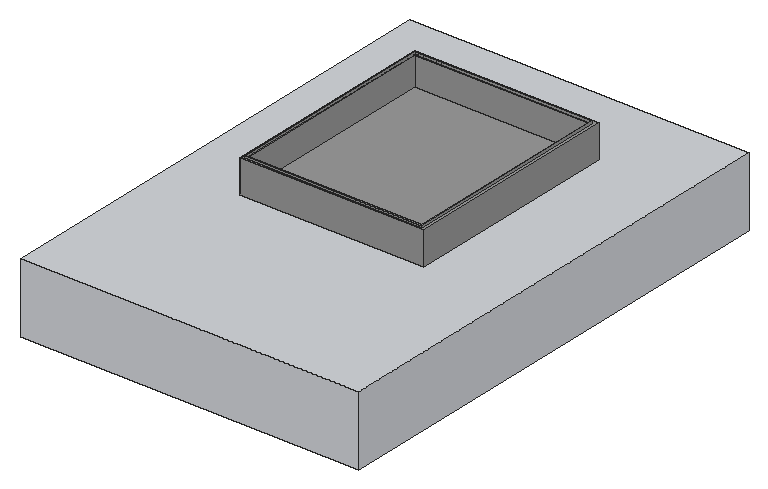
Revit family "Hager-Univers-IP30-D160-Cl.II-FWQ-encl-AT-de", category Equipement électrique, Revit 2020
Family settings
  Hôte = Face
  Configuration du panneau = Deux colonnes, circuits au sein
  Cote de connecteur circulaire = Utiliser le diamètre
  Type d'élément = Tableau de raccordement
  Couper avec des vides une fois chargée = Non
  Partagée = Non
  Point de calcul de pièce = Non
Parameters (values of type "Aufputz IP30 B800 H950 T160  - FWQ63D1")
  Width Control [instance] = if([EF000008 - Breite] > Min Width, [EF000008 - Breite], Min Width)  # 800 mm
  Commentaires du type = [HG000003 - Bereich]  # "Univers"
  Thickness Door [instance] = if([EF009171 - Materialstärke Tür/Deckel] > 3 mm, 3 mm, [EF009171 - Materialstärke Tür/Deckel])  # 2 mm
  Seal Frame Offset [instance] = 17 mm  # constant formula
  Plinth Visibility [instance] = [HG000027 - Sockelhöhe] > 0 mm  # no
  Model = ""
  Min Width [instance] = 100 mm  # constant formula
  Min Height [instance] = 100 mm  # constant formula
  Min Depth [instance] = (2 * [EF009170 - Materialstärke Gehäuse]) + 1 mm  # 5 mm
  Internal Frame Depth [instance] = (Door System Depth * 0.5)  # 9 mm
  Height Control [instance] = if([EF000040 - Höhe] > Min Height, [EF000040 - Höhe], Min Height)  # 950 mm
  HG000027 - Sockelhöhe = 0 mm
  HG000026 - Stehend auf dem Boden = no
  HG000024 - Höhe des unteren Teils = 800 mm
  HG000023 - Gehäuse mit doppeltem Querschnitt = no
  HG000016 - 3D-Türsichtbarkeit [instance] = yes
  HG000015 - Sichtbarkeit der Türöffnung [instance] = no
  HG000014 - Tür rechts [instance] = yes
  HG000013 - Tür links [instance] = not([HG000014 - Tür rechts])  # no
  HG000012 - Türschwenkwinkel [instance] = 30.00°
  HG000010 - Asymmetrische Türen = no
  HG000009 - Doppelflügeligen Tür = no
  HG000006 - Unterputz = no
  HG000004 - Herstellerreferenz = "FWQ63D1"
  HG000003 - Bereich = "Univers"
  HG000002 - Mit tür = no
  Frame Offset Bottom [instance] = 10 mm  # constant formula
  Frame Offset [instance] = 15 mm  # constant formula
  EF015940 - Deckel mit Überdruckentlastung = no
  EF011959 - Schutzart (NEMA) = ""
  EF009554 - Anzahl der Öffnungen für Flanschplatten = 6
  Fabricant = "Hager"  # constant formula
  EF009212 - Ausführung Deckel = "EV009916 - mit Ausschnitt"
  EF009171 - Materialstärke Tür/Deckel = 2 mm
  EF009170 - Materialstärke Gehäuse = 2 mm
  EF008873 - Nennstrom (In) = 125 A
  EF007800 - Geeignet für Blitzschutz = no
  EF006306 - Mit Schloss = no
  EF006244 - Transparenter Deckel/Tür = no
  EF005474 - Schutzart (IP) = "EV006410 - IP30"
  EF004464 - Art der Tür = "EV002646 - Einzel"
  EF004427 - Anzahl der Module = 216
  EF004293 - Schlagfestigkeit = ""
  EF003532 - Geeignet für Außengebrauch = no
  EF002950 - Breite in Teilungseinheiten = 36
  EF001613 - Funktionserhalt = "EV000494 - ohne"
  EF001596 - Werkstoff des Gehäuses = "EV000179 - Stahl"
  EF001131 - Innentiefe = 160 mm
  EF001088 - Anbaumöglichkeit = yes
  EF000437 - Anzahl der Leitungseinführungen = 12
  EF000339 - Art der Abdeckung = "EV001012 - Deckel"
  EF000266 - Anzahl der Reihen = 18
  EF000218 - Einbautiefe = 0 mm
  EF000118 - Mit Montageplatte = yes
  EF000116 - RAL-Nummer = "9010"
  EF000049 - Tiefe = 160 mm
  EF000040 - Höhe = 950 mm
  EF000008 - Breite = 800 mm
  EF000007 - Farbe = "EV000202 - weiß"
  EF000003 - Montageart = "EV000384 - Aufputz"
  Door System Leaf Tolerance [instance] = 1.5 mm  # constant formula
  Door System Depth [instance] = 18 mm  # constant formula
  Door Height [instance] = Height Control - [HG000027 - Sockelhöhe]  # 950 mm
  Depth Control [instance] = if([EF000049 - Tiefe] > Min Depth, [EF000049 - Tiefe], Min Depth)  # 160 mm
  Default Elevation = 0 mm
  Connector Offset [instance] = Height Control / 2  # 475 mm
  Bottom Top Plate Trim [instance] = 1.5 mm  # constant formula
  Plinth height Ctrl [instance] = if([HG000027 - Sockelhöhe] > 0 mm, [HG000027 - Sockelhöhe], 12 mm)  # 12 mm
Types (13, lengths in mm): name | Width Control | Height Control | HG000004 - Herstellerreferenz | EF009554 - Anzahl der Öffnungen für Flanschplatten | EF004464 - Art der Tür | EF004427 - Anzahl der Module | EF004293 - Schlagfestigkeit | EF002950 - Breite in Teilungseinheiten | EF001131 - Innentiefe | EF000437 - Anzahl der Leitungseinführungen | EF000339 - Art der Abdeckung | EF000266 - Anzahl der Reihen | EF000118 - Mit Montageplatte | EF000040 - Höhe | EF000008 - Breite | Door Height | Connector Offset
  Aufputz IP30 B1050 H650 T160  - FWQ34D1 | 1050 | 650 | "FWQ34D1" | 8 | "EV002646 - Einzel" | 192 | "EV006815 - IK09" | 48 | 160 | 16 | "EV001012 - Deckel" | 16 | yes | 650 | 1050 | 650 | 325
  Aufputz IP30 B1050 H650 T160  - FWQ44D1 | 1050 | 650 | "FWQ44D1" | 8 | "EV002646 - Einzel" | 192 | "" | 48 | 160 | 16 | "EV001012 - Deckel" | 16 | yes | 650 | 1050 | 650 | 325
  Aufputz IP30 B1050 H800 T160  - FWQ54D1 | 1050 | 800 | "FWQ54D1" | 8 | "EV002646 - Einzel" | 240 | "" | 48 | 160 | 16 | "EV001012 - Deckel" | 20 | yes | 800 | 1050 | 800 | 400
  Aufputz IP30 B300 H650 T160  - FWQ41D1 | 300 | 650 | "FWQ41D1" | 2 | "EV002646 - Einzel" | 48 | "" | 12 | 160 | 4 | "EV001012 - Deckel" | 4 | yes | 650 | 300 | 650 | 325
  Aufputz IP30 B300 H950 T160  - FWQ61D1 | 300 | 950 | "FWQ61D1" | 2 | "EV002646 - Einzel" | 72 | "" | 12 | 160 | 4 | "EV001012 - Deckel" | 6 | yes | 950 | 300 | 950 | 475
  Aufputz IP30 B550 H1100 T160  - FWQ72D1 | 550 | 1100 | "FWQ72D1" | 4 | "EV002646 - Einzel" | 168 | "" | 12 | 160 | 8 | "EV001012 - Deckel" | 14 | yes | 1100 | 550 | 1100 | 550
  Aufputz IP30 B550 H650 T160  - FWQ42D1 | 550 | 650 | "FWQ42D1" | 4 | "EV002646 - Einzel" | 96 | "" | 24 | 160 | 8 | "EV001012 - Deckel" | 8 | yes | 650 | 550 | 650 | 325
  Aufputz IP30 B550 H800 T160  - FWQ52D1 | 550 | 800 | "FWQ52D1" | 4 | "EV002646 - Einzel" | 120 | "" | 24 | 160 | 8 | "EV001012 - Deckel" | 10 | yes | 800 | 550 | 800 | 400
  Aufputz IP30 B550 H950 T160  - FWQ62D1 | 550 | 950 | "FWQ62D1" | 4 | "EV002646 - Einzel" | 144 | "" | 24 | 160 | 8 | "EV001012 - Deckel" | 12 | yes | 950 | 550 | 950 | 475
  Aufputz IP30 B800 H500 T160  - FWQ33D1 | 800 | 500 | "FWQ33D1" | 6 | "EV000494 - ohne" | 108 | "" | 36 | 156 | 12 | "EV000494 - ohne" | 9 | no | 500 | 800 | 500 | 250
  Aufputz IP30 B800 H650 T160  - FWQ43D1 | 800 | 650 | "FWQ43D1" | 6 | "EV002646 - Einzel" | 144 | "" | 36 | 160 | 12 | "EV001012 - Deckel" | 12 | yes | 650 | 800 | 650 | 325
  Aufputz IP30 B800 H800 T160  - FWQ53D1 | 800 | 800 | "FWQ53D1" | 6 | "EV002646 - Einzel" | 180 | "" | 36 | 160 | 12 | "EV001012 - Deckel" | 15 | yes | 800 | 800 | 800 | 400
  Aufputz IP30 B800 H950 T160  - FWQ63D1 | 800 | 950 | "FWQ63D1" | 6 | "EV002646 - Einzel" | 216 | "" | 36 | 160 | 12 | "EV001012 - Deckel" | 18 | yes | 950 | 800 | 950 | 475
Reference planes
  plane 1 "Center (Front/Back)": y = 0
  plane 2: z = 0
  plane 3 "Center (Left/Right)": x = 0
  plane 4: z = 160
  plane 5: y = 2
  plane 6: y = 475
  plane 7: y = 0
  plane 8: y = 950
  plane 9: z = 0
  plane 10: x = -385
  plane 11: x = 385
  plane 12: x = 383
  plane 13: x = -383
  plane 14: y = 948
  plane 15: x = -383
  plane 16: x = -400
  plane 17: x = 383
  plane 18: x = 400
  plane 19: x = 398
  plane 20: x = -398
  plane 21: y = 12
  plane 22: y = 950
  plane 23: y = 933
  plane 24: z = 142
  plane 25: z = 2
  plane 26: z = 140
  plane 27: z = 158
Forms (mm)
  Extrusion 1, solid
    sketch origin (0, 0, 0) x (1, 0, 0) y (0, 1, 0)
      loop
        line (-702.964, 1305) -> (-702.964, -811.445) -> (766.763, -811.445) -> (766.763, 1305) -> (-702.964, 1305)
    from 0 to -304.8
  Extrusion 2, solid, material "Hager_Steel_RAL7035_Light_Grey", visible <- "Plinth Visibility", detail levels medium+fine
    sketch origin (0, 0, 0) x (1, 0, 0) y (0, 1, 0)
      loop
        line (-400, 0) -> (400, 0) -> (400, 12) -> (-400, 12) -> (-400, 0)
    from 0 to 142
  Extrusion 3, solid, material "Hager_Steel_RAL7035_Light_Grey", detail levels medium+fine
    sketch origin (0, 0, 0) x (1, 0, 0) y (0, 1, 0)
      loop
        line (-400, 0) -> (400, 0) -> (400, 950) -> (-400, 950) -> (-400, 0)
    from 0 to 142
  Extrusion 4, void
    sketch origin (0, 0, 0) x (1, 0, 0) y (0, 1, 0)
      loop
        line (-398, 2) -> (398, 2) -> (398, 948) -> (-398, 948) -> (-398, 2)
    from 2 to 140
  Extrusion 5, void
    sketch origin (-381.607, -4572, 142) x (0, -1, 0) y (-1, 0, 0)
      loop
        line (-4584, 1.393) -> (-5505, 1.393) -> (-5505, -764.607) -> (-4584, -764.607) -> (-4584, 1.393)
    from 0 to 2 <- "EF009170 - Materialstärke Gehäuse"
  Extrusion 6, solid, material "Hager_Steel_RAL7035_Light_Grey", detail levels fine
    sketch origin (0, 0, 142) x (1, 0, 0) y (0, 1, 0)
      loop
        line (-383, 933) -> (-383, 12) -> (383, 12) -> (383, 933) -> (-383, 933)
      loop
        line (-385, 10) -> (385, 10) -> (385, 935) -> (-385, 935) -> (-385, 10)
    from 0 to 9 <- "Internal Frame Depth"
  Extrusion 7, solid, material "Hager_Steel_RAL7035_Light_Grey", detail levels coarse
    sketch origin (0, 0, 0) x (1, 0, 0) y (0, 1, 0)
      loop
        line (-400, 0) -> (400, 0) -> (400, 950) -> (-400, 950) -> (-400, 0)
    from 0 to 160
  Sweep 8, void
    path in 3D
      loop
        line (-400, 12, 0) -> (400, 12, 0) -> (400, 12, 142) -> (-400, 12, 142) -> (-400, 12, 0)
    profile origin (-400, 12, 71) x (-1, 0, 0) y (0, -1, 0)
      loop
        line (0, 0) -> (0, 1.5) -> (-1.5, 1.5)
        arc (-1.5, 1.5) -> (-1.061, 0.439) -> (0, 0) r 1.5
Cuts and joins
  Extrusion 4, Extrusion 5 cuts Extrusion 3
  Sweep 8 cuts Extrusion 2
Lines and regions (mm)
  Masking region 1
    outline origin (0, 0, 0) x (1, 0, 0) y (0, 0, 1)
      loop
        line (-400, 160) -> (-400, 0) -> (400, 0) -> (400, 160) -> (-400, 160)
  Masking region 2, detail levels medium+fine
    outline origin (0, 140, 0) x (0, 1, 0) y (0, 0, 1)
      loop
        line (-140, 0) -> (810, 0) -> (810, 142) -> (-140, 142) -> (-140, 0)
  Masking region 3, not visible, detail levels medium+fine
    outline origin (0, 297.922, 0) x (0, 1, 0) y (0, 0, 1)
      loop
        line (188.578, 0) -> (228.578, 0) -> (228.578, 148)
        arc (228.578, 148) -> (225.649, 155.071) -> (218.578, 158) r 10
        line (218.578, 158) -> (188.578, 158) -> (188.578, 0)
  Masking region 4, detail levels coarse
    outline origin (0, 0, 180) x (0, 1, 0) y (0, 0, 1)
      loop
        line (0, -180) -> (950, -180) -> (950, -20) -> (0, -20) -> (0, -180)
  Masking region 5, visible <- "Plinth Visibility", detail levels medium+fine
    outline origin (0, 52.24, 12.345) x (0, 0, -1) y (0, 1, 0)
      loop
        line (10.845, -40.24) -> (-128.155, -40.24)
        arc (-128.155, -40.24) -> (-128.594, -41.301) -> (-129.655, -41.74) r 1.5
        line (-129.655, -41.74) -> (-129.655, -52.24) -> (12.345, -52.24) -> (12.345, -41.74)
        arc (12.345, -41.74) -> (11.285, -41.301) -> (10.845, -40.24) r 1.5
  Masking region 6, detail levels medium+fine
    outline origin (-381.607, -4572, 142) x (-1, 0, 0) y (0, -1, 0)
      loop
        line (18.393, -5522) -> (18.393, -4572) -> (-781.607, -4572) -> (-781.607, -5522) -> (18.393, -5522)
  Masking region 7, visible <- "Plinth Visibility", detail levels medium+fine
    outline origin (-381.607, -4727, 142) x (-1, 0, 0) y (0, -1, 0)
      loop
        arc (16.893, -4739) -> (17.332, -4737.939) -> (18.393, -4737.5) r 1.5
        line (18.393, -4737.5) -> (18.393, -4727) -> (-781.607, -4727) -> (-781.607, -4737.5)
        arc (-781.607, -4737.5) -> (-780.546, -4737.939) -> (-780.107, -4739) r 1.5
        line (-780.107, -4739) -> (16.893, -4739)
  Masking region 8, detail levels coarse
    outline origin (-442.548, -4669.526, 142) x (-1, 0, 0) y (0, -1, 0)
      loop
        line (-42.548, -5619.526) -> (-42.548, -4669.526) -> (-842.548, -4669.526) -> (-842.548, -5619.526) -> (-42.548, -5619.526)
  sketch lines
    curve 1: line (-400, 12, 142) -> (-400, 12, 0)
    curve 2: line (400, 12, 142) -> (-400, 12, 142)
    curve 3: line (400, 12, 142) -> (400, 12, 0)
    curve 4: line (-400, 12, 0) -> (400, 12, 0)
Dimensions and locks
  "Depth Control": plane 4 to Extrusion 1
  "HG000027 - Sockelhöhe": plane 1 "Center (Front/Back)" to plane 7
  "EF009170 - Materialstärke Gehäuse": plane 5 to plane 7
  locked: connector elem to plane 3 "Center (Left/Right)"
  equal spacing: plane 8, plane 6, plane 7
  locked: connector elem to plane 6
  "EF009170 - Materialstärke Gehäuse": plane 8 to plane 14
  "EF009170 - Materialstärke Gehäuse": plane 10 to plane 13
  "EF009170 - Materialstärke Gehäuse": plane 12 to plane 11
  "Frame Offset": plane 20 to plane 13
  "Frame Offset": plane 12 to plane 19
  "EF009170 - Materialstärke Gehäuse": plane 16 to plane 20
  "EF009170 - Materialstärke Gehäuse": plane 19 to plane 18
  "Seal Frame Offset": plane 16 to plane 15
  "Seal Frame Offset": plane 17 to plane 18
  "Frame Offset Bottom": plane 21 to plane 5
  "Frame Offset": plane 14 to plane 23
  equal spacing: plane 16, plane 3 "Center (Left/Right)", plane 18
  "Width Control": plane 16 to plane 18
  "EF009170 - Materialstärke Gehäuse": plane 4 to plane 27
  "EF009170 - Materialstärke Gehäuse": plane 24 to plane 26
  "EF009170 - Materialstärke Gehäuse": plane 25 to level
  "Door System Depth": plane 4 to plane 24
  "Height Control": plane 1 "Center (Front/Back)" to Extrusion 7 sketch curve
  "Height Control": Masking region 4 sketch curve to plane 1 "Center (Front/Back)"
  "Height Control": plane 1 "Center (Front/Back)" to plane 22
  "Bottom Top Plate Trim": profile plane to Sweep 8 sketch curve
  "Bottom Top Plate Trim": Sweep 8 sketch curve to profile plane
  "Plinth height Ctrl": plane 1 "Center (Front/Back)" to Extrusion 2 sketch curve
  "Plinth height Ctrl": Masking region 5 sketch curve to plane 1 "Center (Front/Back)"
  "Plinth height Ctrl": plane 1 "Center (Front/Back)" to Masking region 7 sketch curve
  "Thickness Door": Extrusion 6 sketch curve to Extrusion 6 sketch curve  (x3)
  "Thickness Door": cut or joined group of Extrusion 3, Extrusion 4, Extrusion 5 to Extrusion 6 sketch curve
  radius of Masking region 3 sketch curve = 10 mm
  "Bottom Top Plate Trim": radius of Masking region 5 sketch curve  (x2)
  "Bottom Top Plate Trim": radius of Sweep 8 sketch curve
  "Bottom Top Plate Trim": radius of Masking region 7 sketch curve  (x2)
  aligned and locked: plane 2 to Extrusion 1
  aligned and locked: level to Extrusion 1
  aligned and locked: level to Masking region 1 sketch curve
  aligned and locked: Masking region 1 sketch curve to plane 18
  aligned and locked: Masking region 1 sketch curve to plane 16
  aligned and locked: plane 7 to Masking region 2 sketch curve
  aligned and locked: level to Masking region 3 sketch curve
  aligned and locked: Masking region 3 sketch curve to plane 27
  aligned and locked: level to Masking region 2 sketch curve
  aligned and locked: plane 1 "Center (Front/Back)" to Extrusion 2 sketch curve
  aligned and locked: Extrusion 3 sketch curve to plane 7
  aligned and locked: plane 16 to Extrusion 3 sketch curve
  aligned and locked: plane 18 to Extrusion 3 sketch curve
  aligned and locked: plane 20 to Extrusion 4 sketch curve
  aligned and locked: plane 19 to Extrusion 4 sketch curve
  aligned and locked: Extrusion 4 sketch curve to plane 5
  aligned and locked: Extrusion 4 to plane 25
  aligned and locked: plane 26 to Extrusion 4
  aligned and locked: plane 24 to Extrusion 3
  aligned and locked: Extrusion 5 sketch curve to plane 21
  aligned and locked: Extrusion 5 sketch curve to plane 13
  aligned and locked: Extrusion 5 sketch curve to plane 12
  aligned and locked: plane 18 to Extrusion 7 sketch curve
  aligned and locked: plane 1 "Center (Front/Back)" to Extrusion 7 sketch curve
  aligned and locked: plane 16 to Extrusion 7 sketch curve
  aligned and locked: plane 4 to Extrusion 7
  aligned and locked: Extrusion 7 to level
  aligned and locked: level to Masking region 4 sketch curve
  aligned and locked: Masking region 4 sketch curve to plane 1 "Center (Front/Back)"
  aligned and locked: Masking region 4 sketch curve to plane 4
  aligned and locked: nested 1 to level
  aligned and locked: nested 1 to plane 16
  aligned and locked: plane 8 to Extrusion 3 sketch curve
  aligned and locked: plane 23 to Extrusion 5 sketch curve
  aligned and locked: plane 14 to Extrusion 4 sketch curve
  aligned and locked: Masking region 2 sketch curve to plane 8
  aligned and locked: level to Masking region 5 sketch curve
  aligned and locked: plane 16 to Extrusion 2 sketch curve
  aligned and locked: plane 18 to Extrusion 2 sketch curve
  aligned and locked: Masking region 5 sketch curve to plane 24
  aligned and locked: Masking region 2 sketch curve to plane 24
  aligned and locked: plane 24 to Extrusion 2
  aligned and locked: profile plane to Sweep 8 sketch curve  (x2)
  aligned and locked: Masking region 6 sketch curve to plane 18
  aligned and locked: Masking region 6 sketch curve to plane 22
  aligned and locked: Masking region 6 sketch curve to plane 16
  aligned and locked: plane 8 to plane 22
  aligned and locked: Masking region 6 sketch curve to plane 7
  aligned and locked: Masking region 7 sketch curve to plane 16
  aligned and locked: Masking region 7 sketch curve to plane 1 "Center (Front/Back)"
  aligned and locked: Masking region 7 sketch curve to plane 18
  aligned and locked: Masking region 8 sketch curve to plane 1 "Center (Front/Back)"
  aligned and locked: Masking region 8 sketch curve to plane 18
  aligned and locked: Masking region 8 sketch curve to plane 22
  aligned and locked: Masking region 8 sketch curve to plane 16
  aligned and locked: nested 2 to plane 7
  aligned and locked: plane 3 "Center (Left/Right)" to nested 2
  aligned and locked: nested 2 to plane 24
  aligned and locked: Extrusion 6 sketch curve to cut or joined group of Extrusion 3, Extrusion 4, Extrusion 5  (x4)
Automatic sketch dimensions
  Extrusion 1 sketch curve to Extrusion 1 sketch curve = 1469.727 mm
  Extrusion 1 sketch curve to Extrusion 1 sketch curve = 2116.445 mm
  Masking region 1 sketch curve to plane 4 = 0 mm
  plane 6 to Masking region 3 sketch curve = 11.5 mm
  Masking region 3 sketch curve to Masking region 3 sketch curve = 30 mm
  Masking region 5 sketch curve to plane 1 "Center (Front/Back)" = 0 mm
Nested families
  nested 1: "Hager_Enclosure_Symbol" at (-400, 0, 0) x (1, 0, 0) z (0, -1, 0), Height <- "Depth Control", Width <- "Width Control", type "Hager_Enclosure_Symbol"
    with Width_Ctrl 800 mm, Width 800 mm, Height_Ctrl 160 mm, Height 160 mm, A_Width_Int 10.5 mm, A_Width 126 mm, A_Height_Ctrl 140 mm, A_Height 140 mm
  nested 2: "EC000058_Univers_Door" at (0, 0, 142) x (1, 0, 0) z (0, 1, 0), Leaf_Tolerance <- "Door System Leaf Tolerance", Angle <- "HG000012 - Türschwenkwinkel", Door_Depth <- "Door System Depth", Door_Left <- "HG000013 - Tür links", Transparent <- "EF006244 - Transparenter Deckel/Tür", Assymetrical <- "HG000010 - Asymmetrische Türen", Width <- "Width Control", Clearance <- "HG000015 - Sichtbarkeit der Türöffnung", Double <- "HG000009 - Doppelflügeligen Tür", 3d_Door <- "HG000016 - 3D-Türsichtbarkeit", Lock_Visibility <- "EF006306 - Mit Schloss", Width_Ctrl <- "Width Control", Door_Right <- "HG000014 - Tür rechts", Door <- "HG000002 - Mit tür", Height <- "Door Height", Thickness <- "Thickness Door", type "EC000058_Univers_Door", detail levels medium+fine
    with min_wh 5 mm, Width_Ctrl 800 mm, Width 800 mm, Transparent no, Thickness 2 mm, Seal_Material Hager_Rubber, Lock_Visibility no, Lock_Material Hager_Plastic_RAL9005_Jet_Black, Leaf_Width 800 mm, Leaf_Tolerance_External_Sides 0 mm, Leaf_Tolerance 1.5 mm, Leaf_Offset 0 mm, Leaf_Height 947 mm, Leaf_2_Width 800 mm, Leaf_2_Offset 400 mm, Leaf_1_Width 800 mm, Leaf_1_Offset 400 mm, Height_Ctrl 950 mm, Height 950 mm, Glass_Material Hager_Glass, Double_Clearance_Ctrl no, Double no, Door_Right_Ctrl no, Door_Right yes, Door_Material Hager_Steel_RAL7035_Light_Grey, Door_Left_Ctrl no, Door_Left no, Door_Depth 18 mm, Door no, Clearance_Material Hager_Clearance, Clearance_Depth 800 mm, Clearance_Ctrl no, Clearance no, Assymetrical no, Angle 30.00°, 3d_Door yes
Connectors
  electrical at (0, 475, 0)
    settings: on plane 9, index 1, voltage 0 V, apparent load 0 VA, apparent load phase1 0 VA, apparent load phase2 0 VA, apparent load phase3 0 VA, power factor 1, load classification "Other", number of poles 1, system type 30, power factor state 1, is connector primary yes, connector utility no, sub classification motor no, connector description ""
Definition of nested family "Hager_Enclosure_Symbol"
  Parameters (values of type "Hager_Enclosure_Symbol")
    Width_Ctrl [instance] = if(Width > 1 mm, Width, 1 mm)  # 102.27 mm
    Width [instance] = 102.27 mm
    Height_Ctrl [instance] = if(Height > 1 mm, Height, 1 mm)  # 66.5 mm
    A_Width_Int [instance] = if(A_Width / 12 > 2 mm, A_Width / 12, 2 mm)  # 4.364 mm
    A_Width [instance] = if(A_Height_Ctrl * 0.9 > 2 mm, A_Height_Ctrl * 0.9, 2 mm)  # 52.369 mm
    A_Height_Ctrl [instance] = if(A_Height > 2 mm, A_Height, 2 mm)  # 58.188 mm
    Height [instance] = 66.5 mm
    A_Height [instance] = Height - (Height / 8)  # 58.188 mm
  Reference planes
    plane 1 "Centre (avant/arrière)": y = 0
    plane 2: z = 0
    plane 3 "Centre (gauche/droite)": x = 0
    plane 4: x = 52.369
    plane 5: y = 33.042
    plane 6: y = 41.77
    plane 7: y = 66.5
    plane 8: x = 26.184
    plane 9: y = 37.406
    plane 10: x = 102.27
    plane 11: y = 66.5
    plane 12: y = 8.313
  Lines and regions (mm)
    Filled region 1, type "Solid_Black", in view "Niveau de réf."
      outline origin (0, 0, 0) x (1, 0, 0) y (0, 1, 0)
        loop
          line (52.369, 66.5) -> (33.188, 54.536) -> (45.365, 45.006) -> (52.369, 66.5)
    Filled region 2, type "Solid_Black", in view "Niveau de réf."
      outline origin (0, 0, 0) x (1, 0, 0) y (0, 1, 0)
        loop
          line (0, 0) -> (102.27, 0) -> (102.27, 66.5) -> (0, 0)
    detail lines, in view "Niveau de réf."
      curve 1: line (0, 8.313, 0) -> (26.184, 41.77, 0)
      curve 2: line (26.184, 41.77, 0) -> (26.184, 33.042, 0)
      curve 3: line (26.184, 33.042, 0) -> (52.369, 66.5, 0)
  Dimensions and locks
    "A_Width": plane 3 "Centre (gauche/droite)" to plane 4
    equal spacing: plane 3 "Centre (gauche/droite)", plane 8, plane 4
    equal spacing: plane 6, plane 9, plane 5
    equal spacing: curve 3, Filled region 1 sketch curve, Filled region 1 sketch curve
    "Height_Ctrl": plane 1 "Centre (avant/arrière)" to plane 11
    "A_Height_Ctrl": plane 11 to plane 12
    equal spacing: plane 11, plane 9, plane 12
    "A_Width_Int": plane 6 to plane 9
    "Width_Ctrl": plane 3 "Centre (gauche/droite)" to plane 10
    angle Filled region 1 sketch curve to curve 3 = 20.00°
    angle curve 3 to Filled region 1 sketch curve = 20.00°
    locked: curve 3 to Filled region 1 sketch curve (angle 90.00°)
    aligned and locked: plane 10 to Filled region 2
    aligned and locked: plane 11 to Filled region 2 sketch curve
    aligned and locked: plane 10 to Filled region 2 sketch curve
    aligned and locked: plane 3 "Centre (gauche/droite)" to curve 1
    aligned and locked: plane 12 to curve 1
    aligned and locked: plane 7 to plane 11
  Automatic sketch dimensions
    Filled region 1 sketch curve to plane 4 = 0 mm
    Filled region 1 sketch curve to plane 7 = 0 mm
    plane 1 "Centre (avant/arrière)" to Filled region 2 sketch curve = 0 mm
    Filled region 2 sketch curve to plane 3 "Centre (gauche/droite)" = 0 mm
    curve 2 to plane 6 = 0 mm
    curve 2 to plane 8 = 0 mm
    curve 3 to plane 4 = 0 mm
    curve 2 to plane 5 = 0 mm
    curve 3 to plane 7 = 0 mm
Definition of nested family "EC000058_Univers_Door"
  Parameters (values of type "EC000058_Univers_Door")
    min_wh [instance] = (2 * Thickness) + 1 mm  # 11 mm
    Width_Ctrl [instance] = 400 mm
    Width [instance] = 500 mm
    Transparent [instance] = yes
    Thickness [instance] = 5 mm
    Seal_Material [instance] = none
    Lock_Visibility [instance] = yes
    Lock_Material [instance] = none
    Leaf_Width [instance] = if((Width_Ctrl - 2 * Leaf_Tolerance_External_Sides) > 0 mm, (Width_Ctrl - 2 * Leaf_Tolerance_External_Sides), min_wh)  # 400 mm
    Leaf_Tolerance_External_Sides [instance] = 0 mm  # constant formula
    Leaf_Tolerance [instance] = 1.5 mm
    Leaf_Offset [instance] = 0 mm  # constant formula
    Leaf_Height [instance] = if((Height_Ctrl - 2 * Leaf_Tolerance) > 0 mm, (Height_Ctrl - 2 * Leaf_Tolerance), min_wh)  # 497 mm
    Leaf_2_Width [instance] = if(and(and(Double, Assymetrical), Door_Left), (Leaf_Width / 3) - (Leaf_Tolerance / 2), if(and(and(Double, Assymetrical), Door_Right), (Leaf_Width / 3) * 2 - (Leaf_Tolerance / 2), if(and(Double, not(Assymetrical)), (Leaf_Width / 2) - Leaf_Tolerance, Leaf_Width)))  # 400 mm
    Leaf_2_Offset [instance] = if(and(Double, Assymetrical), Leaf_2_Width / 2, if(and(Double, not(Assymetrical)), Leaf_Width / 4, Leaf_Width / 2))  # 200 mm
    Leaf_1_Width [instance] = if(and(and(Double, Assymetrical), Door_Right), (Leaf_Width / 3) - (Leaf_Tolerance / 2), if(and(and(Double, Assymetrical), Door_Left), (Width / 3) * 2 - (Leaf_Tolerance / 2), if(and(Double, not(Assymetrical)), (Leaf_Width / 2) - Leaf_Tolerance, Leaf_Width)))  # 400 mm
    Leaf_1_Offset [instance] = if(and(Double, Assymetrical), Leaf_1_Width / 2, if(and(Double, not(Assymetrical)), Leaf_Width / 4, Leaf_Width / 2))  # 200 mm
    Height_Ctrl [instance] = if(Height > min_wh, Height, min_wh)  # 500 mm
    Height [instance] = 500 mm
    Glass_Material [instance] = none
    Double_Clearance_Ctrl [instance] = and(Double, Clearance)  # no
    Double [instance] = no
    Door_Right_Ctrl [instance] = and(or(Door_Right, Double), Door)  # yes
    Door_Right [instance] = yes
    Door_Material [instance] = none
    Door_Left_Ctrl [instance] = and(or(Door_Left, Double), Door)  # no
    Door_Left [instance] = no
    Door_Depth [instance] = 30 mm
    Door [instance] = yes
    Default Elevation = 1219.2 mm
    Clearance_Material [instance] = none
    Clearance_Depth [instance] = if(Leaf_1_Width > Leaf_2_Width, Leaf_1_Width, Leaf_2_Width)  # 400 mm
    Clearance_Ctrl [instance] = and(not(Double), Clearance)  # yes
    Clearance [instance] = yes
    Assymetrical [instance] = yes
    Angle [instance] = 30.00°
    3d_Door [instance] = yes
  Reference planes
    plane 1 "Center (Front/Back)": y = 0
    plane 2 "Bottom": z = 0
    plane 3 "Center (Left/Right)": x = 0
    plane 4: z = 500
    plane 5: x = -200
    plane 6: x = 200
    plane 7: z = 500
    plane 8: x = -200
    plane 9: z = 0
    plane 10: x = 200
    plane 11: y = 0
    plane 12: z = 1.5
    plane 13: x = -600
    plane 14: y = -400
    plane 15: x = 600
    plane 16: x = 0
    plane 17: x = 0
    plane 18: x = -200
    plane 19: x = 200
    plane 20: z = 498.5
  Forms (mm)
    Extrusion 1, solid, material <- "Clearance_Material", visible <- "Double_Clearance_Ctrl"
      sketch origin (1200, 0, 0) x (1, 0, 0) y (0, 0, -1)
        loop
          line (-1800, -498.5) -> (-600, -498.5) -> (-600, 0) -> (-1800, 0) -> (-1800, -498.5)
      from 0 to -400
  Dimensions and locks
    equal spacing: plane 5, plane 3 "Center (Left/Right)", plane 6
    "Width_Ctrl": plane 5 to plane 6
    "Leaf_Offset": plane 5 to plane 8
    "Leaf_Offset": plane 6 to plane 10
    "Leaf_Offset": plane 9 to level
    "Leaf_Offset": plane 4 to plane 7
    "Height_Ctrl": plane 4 to level
    "Leaf_Tolerance": plane 12 to plane 9
    locked: plane 11 to plane 1 "Center (Front/Back)"
    "Leaf_1_Offset": plane 18 to plane 16
    "Leaf_2_Offset": plane 17 to plane 19
    "Leaf_1_Width": plane 13 to plane 8
    "Leaf_2_Width": plane 10 to plane 15
    "Clearance_Depth": plane 14 to plane 1 "Center (Front/Back)"
    "Leaf_Tolerance_External_Sides": plane 8 to plane 18
    "Leaf_Tolerance_External_Sides": plane 19 to plane 10
    "Leaf_Tolerance": plane 7 to plane 20
    aligned and locked: level to plane 2 "Bottom"
    aligned and locked: nested 1 to plane 16
    aligned and locked: nested 2 to plane 17
    aligned and locked: Extrusion 1 to plane 13
    aligned and locked: plane 15 to Extrusion 1
    aligned and locked: Extrusion 1 to plane 14
    aligned and locked: plane 12 to nested 1
    aligned and locked: nested 2 to plane 12
    aligned and locked: Extrusion 1 to plane 11
    aligned and locked: plane 20 to Extrusion 1
    aligned and locked: nested 2 to plane 11
    aligned and locked: nested 1 to plane 11
  Automatic sketch dimensions
    Extrusion 1 sketch curve to level = 0 mm
    plane 5 to Extrusion 1 sketch curve = 400 mm
    plane 6 to Extrusion 1 sketch curve = 400 mm
    Extrusion 1 sketch curve to plane 4 = 1.5 mm
  Nested families
    nested 1: "EC000058_Univers_Door_Leaf" at (0, 0, 1.5), Width <- "Leaf_1_Width", visible <- "Door_Left_Ctrl", Leaf_Height <- "Leaf_Height", Angle <- "Angle", 3d_Door <- "3d_Door", Transparent <- "Transparent", Clearance Material <- "Clearance_Material", Clearance <- "Clearance_Ctrl", Door_Material <- "Door_Material", Glass_Material <- "Glass_Material", Door_Depth <- "Door_Depth", Lock_Material <- "Lock_Material", Seal_Material <- "Seal_Material", Lock_Visibility <- "Lock_Visibility", Thickness <- "Thickness", type "EC000058_Univers_Door_Leaf"
      with Width 400 mm, Transparent_Glass_Offset 30 mm, Transparent_Ctrl yes, Transparent yes, Thickness 5 mm, Standard no, Seal_Material none, Seal_D2 8 mm, Seal_D1 1 mm, Offset_Internal_Frame 10 mm, Lock_Width 20 mm, Lock_Visibility_3d yes, Lock_Visibility yes, Lock_Thickness_3 3 mm, Lock_Thickness_2 1 mm, Lock_Thickness_1 3 mm, Lock_Radius_Offset_2 16 mm, Lock_Radius_Offset_1 15 mm, Lock_Radius_2 5 mm, Lock_Radius 6 mm, Lock_Offset 5 mm, Lock_Material none, Lock_Height 80 mm, Lock_Cover_Top_Offset_2d 17 mm, Lock_Cover_Height -65 mm, Leaf_Height 497 mm, Internal_Seal_Thickness 8 mm, Internal_Seal_Depth_2 4.5 mm, Internal_Frame_Depth 25 mm, Glass_Thickness -1 mm, Glass_Offset -2 mm, Glass_Material none, Door_Material none, Door_Depth 30 mm, Clearance Material none, Clearance yes, Angle_Ctrl 30.00°, Angle 30.00°, 3d_Door yes
    nested 2: "EC000058_Univers_Door_Leaf" at (0, 0, 1.5) x (-1, 0, 0) z (0, 0, 1), Width <- "Leaf_2_Width", visible <- "Door_Right_Ctrl", Leaf_Height <- "Leaf_Height", Angle <- "Angle", 3d_Door <- "3d_Door", Transparent <- "Transparent", Clearance Material <- "Clearance_Material", Clearance <- "Clearance_Ctrl", Door_Material <- "Door_Material", Glass_Material <- "Glass_Material", Door_Depth <- "Door_Depth", Lock_Material <- "Lock_Material", Seal_Material <- "Seal_Material", Lock_Visibility <- "Lock_Visibility", Thickness <- "Thickness", type "EC000058_Univers_Door_Leaf"
      with Width 400 mm, Transparent_Glass_Offset 30 mm, Transparent_Ctrl yes, Transparent yes, Thickness 5 mm, Standard no, Seal_Material none, Seal_D2 8 mm, Seal_D1 1 mm, Offset_Internal_Frame 10 mm, Lock_Width 20 mm, Lock_Visibility_3d yes, Lock_Visibility yes, Lock_Thickness_3 3 mm, Lock_Thickness_2 1 mm, Lock_Thickness_1 3 mm, Lock_Radius_Offset_2 16 mm, Lock_Radius_Offset_1 15 mm, Lock_Radius_2 5 mm, Lock_Radius 6 mm, Lock_Offset 5 mm, Lock_Material none, Lock_Height 80 mm, Lock_Cover_Top_Offset_2d 17 mm, Lock_Cover_Height -65 mm, Leaf_Height 497 mm, Internal_Seal_Thickness 8 mm, Internal_Seal_Depth_2 4.5 mm, Internal_Frame_Depth 25 mm, Glass_Thickness -1 mm, Glass_Offset -2 mm, Glass_Material none, Door_Material none, Door_Depth 30 mm, Clearance Material none, Clearance yes, Angle_Ctrl 30.00°, Angle 30.00°, 3d_Door yes
  Definition of nested family "EC000058_Univers_Door_Leaf"
    Parameters (values of type "EC000058_Univers_Door_Leaf")
      Width [instance] = 2000 mm
      Transparent_Glass_Offset [instance] = 30 mm
      Transparent_Ctrl [instance] = and(Transparent, [3d_Door])  # yes
      Transparent [instance] = yes
      Thickness [instance] = 5 mm
      Standard [instance] = and(not(Transparent), [3d_Door])  # no
      Seal_Material [instance] = none
      Seal_D2 [instance] = 8 mm  # constant formula
      Seal_D1 [instance] = 1 mm  # constant formula
      Offset_Internal_Frame [instance] = 10 mm  # constant formula
      Lock_Width [instance] = 20 mm  # constant formula
      Lock_Visibility_3d [instance] = and(Lock_Visibility, [3d_Door])  # yes
      Lock_Visibility [instance] = yes
      Lock_Thickness_3 [instance] = 3 mm  # constant formula
      Lock_Thickness_2 [instance] = 1 mm  # constant formula
      Lock_Thickness_1 [instance] = 3 mm  # constant formula
      Lock_Radius_Offset_2 [instance] = Lock_Radius_Offset_1 + 1 mm  # 16 mm
      Lock_Radius_Offset_1 [instance] = 15 mm  # constant formula
      Lock_Radius_2 [instance] = Lock_Radius - 1 mm  # 5 mm
      Lock_Radius [instance] = 6 mm  # constant formula
      Lock_Offset [instance] = 5 mm  # constant formula
      Lock_Material [instance] = none
      Lock_Height [instance] = 80 mm  # constant formula
      Lock_Cover_Top_Offset_2d [instance] = Lock_Radius_Offset_2 + 1 mm  # 17 mm
      Lock_Cover_Height [instance] = -(Lock_Height - Lock_Radius_Offset_1)  # -65 mm
      Leaf_Height [instance] = 2720.336 mm
      Internal_Seal_Thickness [instance] = 8 mm  # constant formula
      Internal_Seal_Depth_2 [instance] = 4.5 mm  # constant formula
      Internal_Frame_Depth [instance] = if(Door_Depth - Thickness > 5 mm, Door_Depth - Thickness, 5 mm)  # 25 mm
      Glass_Thickness [instance] = if(Thickness > 15 mm, Glass_Offset + 10 mm, -1 mm)  # -1 mm
      Glass_Offset [instance] = if(Thickness > 15 mm, -(Thickness + 10 mm) / 2, -2 mm)  # -2 mm
      Glass_Material [instance] = none
      Door_Material [instance] = none
      Door_Depth [instance] = 30 mm
      Default Elevation = 0 mm
      Clearance Material [instance] = none
      Clearance [instance] = yes
      Angle_Ctrl [instance] = if(Angle > 180.00°, 180.00°, Angle)  # 90.00°
      Angle [instance] = 90.00°
      3d_Door [instance] = yes
    Reference planes
      plane 1 "Center (Front/Back)": y = 0
      plane 2: z = 0
      plane 3 "Center (Left/Right)": x = 0
      plane 4: y = 2000
      plane 5: x = -1000
      plane 6: x = 1000
      plane 7: x = -3000
      plane 8: z = 2720.336
      plane 9: z = 30
      plane 10: z = 2690.336
      plane 11: x = 970
      plane 12: x = -970
      plane 13: y = -3
      plane 14: z = 107.833
      plane 15: y = -5
      plane 16: y = -223.314
      plane 17: x = -1000
      plane 18: z = 1360.168
      plane 19: y = 30
    Forms (mm)
      Extrusion 1, solid, material <- "Clearance Material", visible <- "Clearance"
        sketch origin (0, 0, 0) x (1, 0, 0) y (0, 0, 1)
          loop
            line (-3000, 2720.336) -> (-3000, 0) -> (1000, 0) -> (1000, 2720.336) -> (-3000, 2720.336)
        from 0 to -2000
      Extrusion 2, solid, material <- "Door_Material", visible <- "Standard", detail levels medium+fine
        sketch origin (-1000, 0, 0) x (0, 1, 0) y (-1, 0, 0)
          loop
            line (0, 30) -> (0, 25) -> (2000, 25) -> (2000, 30) -> (0, 30)
        from 0 to 2720.336 <- "Leaf_Height"
      Extrusion 3, solid, material <- "Door_Material", visible <- "Transparent_Ctrl", detail levels medium+fine
        sketch origin (-1000, 0, 0) x (0, 1, 0) y (-1, 0, 0)
          loop
            line (0, 25) -> (2000, 25) -> (2000, 30) -> (0, 30) -> (0, 25)
        from 0 to 2720.336 <- "Leaf_Height"
      Extrusion 4, void
        sketch origin (-1025, 2000, 0) x (0, 1, 0) y (0, 0, -1)
          loop
            line (-30, -2690.336) -> (-30, -30) -> (-1970, -30) -> (-1970, -2690.336) -> (-30, -2690.336)
        from 0 to 5 <- "Thickness"
      Sweep 5, solid, material <- "Seal_Material", visible <- "Transparent_Ctrl", detail levels fine
        path in 3D
          loop
            line (-1025, 30, 30) -> (-1025, 30, 2690.336) -> (-1025, 1970, 2690.336) -> (-1025, 1970, 30) -> (-1025, 30, 30)
        profile origin (-1025, 1000, 30) x (1, 0, 0) y (0, 0, 1)
          loop
            line (0, 0) -> (0, -8) -> (1, -8) -> (1, 0) -> (0, 0)
      Extrusion 6, solid, material <- "Glass_Material", visible <- "Transparent_Ctrl", detail levels medium+fine
        sketch origin (-1030, 0, 0) x (0, 1, 0) y (0, 0, -1)
          loop
            line (1970, -2690.336) -> (1970, -30) -> (30, -30) -> (30, -2690.336) -> (1970, -2690.336)
        from -2 <- "Glass_Offset" to -1 <- "Glass_Thickness"
      Extrusion 7, solid, material <- "Door_Material", visible <- "3d_Door", detail levels medium+fine
        sketch origin (-1025, 2000, 0) x (0, -1, 0) y (0, 0, -1)
          loop
            line (0, -2720.336) -> (2000, -2720.336) -> (2000, 0) -> (0, 0) -> (0, -2720.336)
          loop
            line (1995, -5) -> (5, -5) -> (5, -2715.336) -> (1995, -2715.336) -> (1995, -5)
        from 0 to 25 <- "Internal_Frame_Depth"
      Sweep 8, solid, material <- "Seal_Material", visible <- "Transparent_Ctrl", detail levels fine
        path in 3D
          loop
            line (-1025, 0, 0) -> (-1025, 2000, 0) -> (-1025, 2000, 2720.336) -> (-1025, 0, 2720.336) -> (-1025, 0, 0)
        profile origin (-1025, 0, 1360.168) x (1, 0, 0) y (0, 1, 0)
          loop
            line (0, 10) -> (2.975, 10)
            arc (2.975, 10) -> (4.053, 10.447) -> (4.5, 11.525) r 1.525
            line (4.5, 11.525) -> (4.5, 16.527)
            arc (4.5, 16.527) -> (4.069, 17.569) -> (3.027, 18) r 1.473
            line (3.027, 18) -> (0, 18) -> (0, 10)
      Extrusion 9, solid, material <- "Lock_Material", visible <- "Lock_Visibility_3d", detail levels fine
        sketch origin (-1030, 0, 0) x (0, 1, 0) y (0, 0, -1)
          loop
            arc (1993.5, -1400.168) -> (1994.561, -1399.729) -> (1995, -1398.668) r 1.5
            line (1995, -1398.668) -> (1995, -1320.168) -> (1975, -1320.168) -> (1975, -1398.668)
            arc (1975, -1398.668) -> (1975.439, -1399.729) -> (1976.5, -1400.168) r 1.5
            line (1976.5, -1400.168) -> (1993.5, -1400.168)
        from 3 <- "Lock_Thickness_1" to 0
      Blend 10, solid, material <- "Lock_Material", visible <- "Lock_Visibility_3d", detail levels fine
        base sketch origin (-1033, 0, 0) x (0, 1, 0) y (0, 0, -1)
          loop
            line (1975, -1320.168) -> (1975, -1398.668)
            arc (1975, -1398.668) -> (1975.439, -1399.729) -> (1976.5, -1400.168) r 1.5
            line (1976.5, -1400.168) -> (1993.5, -1400.168)
            arc (1993.5, -1400.168) -> (1994.561, -1399.729) -> (1995, -1398.668) r 1.5
            line (1995, -1398.668) -> (1995, -1320.168) -> (1975, -1320.168)
        top sketch origin (-1033, 0, 0) x (0, 1, 0) y (0, 0, -1)
          loop
            line (1976, -1320.168) -> (1976, -1398.668)
            arc (1976, -1398.668) -> (1976.146, -1399.022) -> (1976.5, -1399.168) r 0.5
            line (1976.5, -1399.168) -> (1993.5, -1399.168)
            arc (1993.5, -1399.168) -> (1993.854, -1399.022) -> (1994, -1398.668) r 0.5
            line (1994, -1398.668) -> (1994, -1320.168) -> (1976, -1320.168)
        from 0 to 1 <- "Lock_Thickness_2"
      Blend 11, solid, material <- "Lock_Material", visible <- "Lock_Visibility_3d", detail levels fine
        base sketch origin (-1034, 0, 0) x (0, 1, 0) y (0, 0, -1)
          loop
            line (1978, -1320.168) -> (1978, -1384.168)
            arc (1978, -1384.168) -> (1985, -1391.168) -> (1992, -1384.168) r 7
            line (1992, -1384.168) -> (1992, -1320.168) -> (1978, -1320.168)
        top sketch origin (-1034, 0, 0) x (0, 1, 0) y (0, 0, -1)
          loop
            line (1991, -1320.168) -> (1979, -1320.168) -> (1979, -1383.168)
            arc (1979, -1383.168) -> (1985, -1389.168) -> (1991, -1383.168) r 6
            line (1991, -1383.168) -> (1991, -1320.168)
        from 0 to 3 <- "Lock_Thickness_3"
      Extrusion 12, solid, material <- "Lock_Material", visible <- "Lock_Visibility_3d", detail levels fine
        sketch origin (-1030, 1975, 1320.168) x (1, 0, 0) y (0, -1, 0)
          loop
            line (-7, -19) -> (-7, -1) -> (0, -1) -> (0, 0) -> (-8, 0) -> (-8, -20) -> (0, -20) -> (0, -19) -> (-7, -19)
        from 0 to -65 <- "Lock_Cover_Height"
      Extrusion 13, void
        sketch origin (-1038, 1995, 1320.168) x (-1, 0, 0) y (0, 0, -1)
          loop
            line (-5, -65) -> (0, -65) -> (-5, -60) -> (-5, -65)
        from 0 to 20 <- "Lock_Width"
      Extrusion 14, void
        sketch origin (-1038, 1975, 1320.168) x (0, -1, 0) y (0, 0, -1)
          loop
            circle (-10, -15.995) r 6
          loop
            circle (-10, -15.995) r 5
        from 0 to 2
      Extrusion 15, solid, material <- "Lock_Material", visible <- "Lock_Visibility_3d", detail levels medium
        sketch origin (-1030, 0, 0) x (0, 1, 0) y (0, 0, -1)
          loop
            arc (1993.5, -1400.168) -> (1994.561, -1399.729) -> (1995, -1398.668) r 1.5
            line (1995, -1398.668) -> (1995, -1320.168) -> (1975, -1320.168) -> (1975, -1398.668)
            arc (1975, -1398.668) -> (1975.439, -1399.729) -> (1976.5, -1400.168) r 1.5
            line (1976.5, -1400.168) -> (1993.5, -1400.168)
        from 8 to 0
    Cuts and joins
      Extrusion 4 cuts Extrusion 3
      Extrusion 13, Extrusion 14 cuts Extrusion 9
      Extrusion 14 cuts Blend 11
      Extrusion 13, Extrusion 14 cuts Extrusion 12
      joined: Extrusion 9, Blend 10, Blend 11, Extrusion 12
      Extrusion 14 cuts Extrusion 15
    Lines and regions (mm)
      Masking region 1, visible <- "Lock_Visibility", detail levels fine
        outline origin (0, 0, 0) x (0, 1, 0) y (0, 0, 1)
          loop
            line (30, 1320.168) -> (33, 1320.168) -> (33, 1400.168) -> (30, 1400.168) -> (30, 1320.168)
      Masking region 2, visible <- "Lock_Visibility", detail levels fine
        outline origin (0, 3.143, 0) x (0, 1, 0) y (0, 0, 1)
          loop
            line (29.857, 1354.168) -> (30.857, 1354.168) -> (30.857, 1366.168) -> (29.857, 1366.168) -> (29.857, 1354.168)
      Masking region 3, detail levels medium+fine
        outline origin (0, 0, 0) x (0, 1, 0) y (0, 0, 1)
          loop
            line (0, 0) -> (30, 0) -> (30, 2720.336) -> (0, 2720.336) -> (0, 0)
      Masking region 4, detail levels medium+fine
        outline origin (0, 0, 0) x (1, 0, 0) y (0, 0, 1)
          loop
            line (-1000, 2720.336) -> (-1000, 0) -> (1000, 0) -> (1000, 2720.336) -> (-1000, 2720.336)
      Masking region 5, visible <- "Lock_Visibility", detail levels fine
        outline origin (-47.116, 0, 0) x (1, 0, 0) y (0, 0, 1)
          loop
            arc (1024.616, 1399.168) -> (1023.556, 1398.729) -> (1023.116, 1397.668) r 1.5
            line (1023.116, 1397.668) -> (1023.116, 1320.168) -> (1041.116, 1320.168) -> (1041.116, 1397.668)
            arc (1041.116, 1397.668) -> (1040.677, 1398.729) -> (1039.616, 1399.168) r 1.5
            line (1039.616, 1399.168) -> (1024.616, 1399.168)
      Masking region 6, visible <- "Lock_Visibility", detail levels medium+fine
        outline origin (-25, 0, 0) x (1, 0, 0) y (0, 0, 1)
          loop
            arc (1001.5, 1400.168) -> (1000.439, 1399.729) -> (1000, 1398.668) r 1.5
            line (1000, 1398.668) -> (1000, 1320.168) -> (1020, 1320.168) -> (1020, 1398.668)
            arc (1020, 1398.668) -> (1019.561, 1399.729) -> (1018.5, 1400.168) r 1.5
            line (1018.5, 1400.168) -> (1001.5, 1400.168)
      Masking region 7, visible <- "Lock_Visibility", detail levels fine
        outline origin (-73.735, 0, 0) x (1, 0, 0) y (0, 0, 1)
          loop
            line (1051.735, 1382.168) -> (1065.735, 1382.168) -> (1065.735, 1384.168)
            arc (1065.735, 1384.168) -> (1058.735, 1391.168) -> (1051.735, 1384.168) r 7
            line (1051.735, 1384.168) -> (1051.735, 1382.168)
      Masking region 8, visible <- "Lock_Visibility", detail levels fine
        outline origin (-73.735, 0, 0) x (1, 0, 0) y (0, 0, 1)
          loop
            line (1052.735, 1382.168) -> (1064.735, 1382.168) -> (1064.735, 1383.168)
            arc (1064.735, 1383.168) -> (1058.735, 1389.168) -> (1052.735, 1383.168) r 6
            line (1052.735, 1383.168) -> (1052.735, 1382.168)
      Masking region 9, visible <- "Lock_Visibility", detail levels fine
        outline origin (-25, 0, 0) x (1, 0, 0) y (0, 0, 1)
          loop
            line (1020, 1320.168) -> (1020, 1382.168) -> (1000, 1382.168) -> (1000, 1320.168) -> (1020, 1320.168)
      Masking region 10, detail levels medium+fine
        outline origin (0, 0, 0) x (1, 0, 0) y (0, 0, 1)
          loop
            circle (985, 1335.144) r 6
      Masking region 11, detail levels fine
        outline origin (0, 0, 0) x (1, 0, 0) y (0, 0, 1)
          loop
            circle (985, 1335.144) r 5
      Masking region 12, visible <- "Lock_Visibility", detail levels fine
        outline origin (0, 12.767, 0) x (0, 1, 0) y (0, 0, 1)
          loop
            line (20.233, 1320.168) -> (21.233, 1320.168) -> (21.233, 1399.168) -> (20.233, 1400.168) -> (20.233, 1320.168)
      Masking region 13, visible <- "Lock_Visibility", detail levels fine
        outline origin (0, 13.767, -10) x (0, 1, 0) y (0, 0, 1)
          loop
            line (20.233, 1330.168) -> (23.233, 1330.168) -> (23.233, 1399.168) -> (20.233, 1402.168) -> (20.233, 1330.168)
      Masking region 14, visible <- "Lock_Visibility", detail levels fine
        outline origin (0, 12.767, -10) x (0, 1, 0) y (0, 0, 1)
          loop
            line (20.233, 1330.168) -> (25.233, 1330.168) -> (25.233, 1399.305) -> (20.233, 1394.305) -> (20.233, 1330.168)
      Masking region 15, visible <- "Lock_Visibility", detail levels medium
        outline origin (0, 0, 0) x (0, 1, 0) y (0, 0, 1)
          loop
            line (30, 1320.168) -> (38, 1320.168) -> (38, 1400.168) -> (30, 1400.168) -> (30, 1320.168)
      Masking region 16, visible <- "Lock_Visibility", detail levels fine
        outline origin (-1000, 0, 0) x (0, 1, 0) y (-1, 0, 0)
          loop
            line (1975, 30) -> (1995, 30) -> (1995, 38) -> (1975, 38) -> (1975, 30)
          loop
            line (1979, 37) -> (1976, 37) -> (1976, 34) -> (1978, 34) -> (1979, 37)
          loop
            line (1994, 37) -> (1991, 37) -> (1992, 34) -> (1994, 34) -> (1994, 37)
      Masking region 17, visible <- "Lock_Visibility", detail levels medium
        outline origin (-1000, 0, 0) x (0, 1, 0) y (-1, 0, 0)
          loop
            line (1975, 30) -> (1995, 30) -> (1995, 38) -> (1975, 38) -> (1975, 30)
      symbolic lines
        curve 1: line (1000, 0, 0) -> (-3000, 0, 0)
        curve 2: arc (1000, 0, 0) -> (-1000, 2000, 0) -> (-3000, 0, 0) r 2000
        curve 4: line (-1030, 0, 0) -> (-1030, 2000, 0)
      reference lines
        curve 3: line (-1000, 0, 0) -> (-1000, 2000, 0)
      symbolic lines, detail levels medium+fine
        curve 5: line (-1030, 2000, 0) -> (-1025, 2000, 0)
        curve 7: line (-1025, 0, 0) -> (-1030, 0, 0)
        curve 8: line (-1025, 0, 0) -> (-1000, 0, 0)
        curve 9: line (-1000, 0, 0) -> (-1000, 2000, 0)
        curve 10: line (-1000, 2000, 0) -> (-1025, 2000, 0)
      symbolic lines, detail levels fine
        curve 6: line (-1025, 2000, 0) -> (-1025, 0, 0)
      sketch lines
        curve 11: line (-1025, 0, 2720.336) -> (-1025, 0, 0)
        curve 12: line (-1025, 2000, 0) -> (-1025, 0, 0)
        curve 13: line (-1025, 2000, 2720.336) -> (-1025, 2000, 0)
        curve 14: line (-1025, 0, 2720.336) -> (-1025, 2000, 2720.336)
        curve 15: line (-1025, 1970, 30) -> (-1025, 30, 30)
        curve 16: line (-1025, 30, 30) -> (-1025, 30, 2690.336)
        curve 17: line (-1025, 1970, 2690.336) -> (-1025, 1970, 30)
        curve 18: line (-1025, 30, 2690.336) -> (-1025, 1970, 2690.336)
      symbolic lines, visible <- "Transparent", detail levels medium+fine
        curve 19: line (-970, 0, 2690.336) -> (970, 0, 2690.336)
        curve 20: line (-970, 0, 30) -> (-970, 0, 2690.336)
        curve 21: line (970, 0, 30) -> (-970, 0, 30)
        curve 22: line (970, 0, 2690.336) -> (970, 0, 30)
    Dimensions and locks
      "Width": plane 1 "Center (Front/Back)" to plane 4
      equal spacing: plane 5, plane 3 "Center (Left/Right)", plane 6
      "Width": plane 5 to plane 6
      "Width": plane 7 to plane 5
      "Leaf_Height": plane 8 to level
      "Width": curve 5 to curve 3
      "Width": curve 3 to curve 3
      plane 8 to plane 10 = 30 mm
      plane 9 to level = 30 mm
      plane 12 to plane 5 = 30 mm
      plane 6 to plane 11 = 30 mm
      Extrusion 1 to Extrusion 4 sketch curve = 30 mm
      "Transparent_Glass_Offset": curve 3 to Extrusion 4 sketch curve
      "Transparent_Glass_Offset": Extrusion 4 sketch curve to cut or joined group of Extrusion 3, Extrusion 4  (x2)
      cut or joined group of Extrusion 3, Extrusion 4 to Extrusion 6 sketch curve = 30 mm
      "Transparent_Glass_Offset": cut or joined group of Extrusion 3, Extrusion 4 to Extrusion 4 sketch curve
      "Thickness": curve 6 to curve 4
      "Thickness": Extrusion 7 sketch curve to Extrusion 7 sketch curve  (x4)
      "Door_Depth": curve 4 to curve 3
      "Offset_Internal_Frame": profile plane to Sweep 8 sketch curve
      "Internal_Seal_Thickness": Sweep 8 sketch curve to Sweep 8 sketch curve
      "Internal_Seal_Depth_2": profile plane to Sweep 8 sketch curve
      "Seal_D1": profile plane to Sweep 5 sketch curve
      "Seal_D2": profile plane to Sweep 5 sketch curve
      "Thickness": Extrusion 2 sketch curve to Extrusion 2 sketch curve
      equal spacing: Extrusion 9 sketch curve, plane 18, Extrusion 9 sketch curve  (x2)
      equal spacing: Masking region 1 sketch curve, plane 18, Masking region 1 sketch curve
      "Lock_Height": Masking region 1 sketch curve to Masking region 1 sketch curve
      "Lock_Radius": Masking region 2 sketch curve to plane 18 to Masking region 2 sketch curve
      Masking region 2 sketch curve to Masking region 1 = 1 mm
      "Door_Depth": plane 19 to plane 1 "Center (Front/Back)"
      "Lock_Thickness_1": Masking region 1 sketch curve to plane 19
      "Lock_Width": Extrusion 9 sketch curve to Extrusion 9 sketch curve
      "Lock_Height": Extrusion 9 sketch curve to Extrusion 9 sketch curve
      "Lock_Offset": cut or joined group of Extrusion 3, Extrusion 4 to Extrusion 9 sketch curve
      equal spacing: plane 8, plane 18, level
      "Lock_Radius_Offset_1": Blend 11 sketch curve to Blend 10
      locked: Blend 10 to Blend 11 sketch curve at 2  (x2)
      locked: var sketch to Blend 11 sketch curve at 1  (x2)
      "Lock_Radius_Offset_2": Blend 11 sketch curve to Blend 10
      locked: Extrusion 12 sketch curve to Extrusion 12 sketch curve at 1  (x3)
      Masking region 6 sketch curve to Masking region 6 sketch curve = 80 mm
      "Lock_Height": Masking region 6 sketch curve to Masking region 6 sketch curve
      "Lock_Width": Masking region 6 sketch curve to Masking region 6 sketch curve
      locked: Masking region 6 to Masking region 5 sketch curve at 1  (x3)
      locked: Masking region 5 to Masking region 7 sketch curve at 2  (x2)
      "Lock_Radius_Offset_1": Masking region 5 to Masking region 7 sketch curve
      "Lock_Radius_Offset_2": Masking region 5 to Masking region 8 sketch curve
      locked: Masking region 7 to Masking region 8 sketch curve at 1  (x2)
      "Lock_Cover_Top_Offset_2d": Masking region 5 to Masking region 9 sketch curve
      equal spacing: Masking region 9, Masking region 10 sketch curve, Masking region 9
      equal spacing: Masking region 9, Masking region 11 sketch curve, Masking region 9
      Extrusion 15 sketch curve to Extrusion 15 sketch curve = 80 mm
      "Lock_Width": Extrusion 15 sketch curve to Extrusion 15 sketch curve
      "Lock_Height": Extrusion 15 sketch curve to Extrusion 15 sketch curve
      equal spacing: Extrusion 15 sketch curve, plane 18, Extrusion 15 sketch curve
      "Lock_Thickness_3": Masking region 13 sketch curve to Masking region 13 sketch curve
      "Lock_Height": Masking region 12 sketch curve to Masking region 12 sketch curve
      locked: Masking region 13 sketch curve to Masking region 1 at 8
      locked: Masking region 14 sketch curve to Masking region 13 at 1
      locked: Masking region 14 sketch curve to Masking region 1 at 10.863
      "Lock_Height": Masking region 15 sketch curve to Masking region 15 sketch curve
      "Lock_Offset": Extrusion 15 sketch curve to cut or joined group of Extrusion 3, Extrusion 4
      "Lock_Offset": plane 6 to Masking region 6 sketch curve
      radius of Sweep 8 sketch curve = 1.525 mm
      radius of Sweep 8 sketch curve = 1.473 mm
      radius of Extrusion 9 sketch curve = 1.5 mm  (x2)
      "Lock_Radius": radius of Extrusion 14 sketch curve
      "Lock_Radius_2": radius of Extrusion 14 sketch curve
      "Lock_Radius": radius of Masking region 10 sketch curve
      "Lock_Radius_2": radius of Masking region 11 sketch curve
      radius of Extrusion 15 sketch curve = 1.5 mm  (x2)
      "Angle_Ctrl": angle plane 1 "Center (Front/Back)" to curve 3
      locked: Masking region 12 sketch curve to Masking region 12 sketch curve (angle 45.00°)
      locked: Masking region 13 sketch curve to Masking region 13 sketch curve (angle 45.00°)
      locked: Masking region 14 sketch curve to Masking region 14 sketch curve (angle 45.00°)
      aligned and locked: level to plane 2
      aligned and locked: Extrusion 1 to curve 1
      aligned and locked: plane 6 to Extrusion 1
      aligned and locked: Extrusion 1 to plane 1 "Center (Front/Back)"
      aligned and locked: plane 4 to Extrusion 1
      aligned and locked: plane 8 to Extrusion 1
      aligned and locked: curve 7 to Extrusion 2 sketch curve
      aligned and locked: curve 5 to Extrusion 2 sketch curve
      aligned and locked: curve 7 to Extrusion 3 sketch curve
      aligned and locked: Extrusion 3 sketch curve to curve 4
      aligned and locked: Extrusion 3 sketch curve to curve 6
      aligned and locked: Extrusion 3 sketch curve to curve 5
      aligned and locked: curve 9 to curve 3
      aligned and locked: Extrusion 7 sketch curve to cut or joined group of Extrusion 3, Extrusion 4  (x4)
      aligned and locked: plane 17 to curve 3
      aligned and locked: plane 1 "Center (Front/Back)" to curve 3
      aligned and locked: plane 17 to plane 5
      aligned and locked: Sweep 8 sketch curve to profile plane
      aligned and locked: Sweep 5 sketch curve to profile plane  (x2)
      aligned and locked: Masking region 1 to Masking region 2 sketch curve
      aligned and locked: plane 19 to Masking region 1 sketch curve
      aligned and locked: plane 1 "Center (Front/Back)" to Masking region 3 sketch curve
      aligned and locked: plane 19 to Masking region 3 sketch curve
      aligned and locked: level to Masking region 3 sketch curve
      aligned and locked: Masking region 3 sketch curve to plane 8
      aligned and locked: plane 17 to Masking region 4 sketch curve
      aligned and locked: level to Masking region 4 sketch curve
      aligned and locked: Masking region 4 sketch curve to plane 8
      aligned and locked: plane 12 to curve 20
      aligned and locked: plane 10 to curve 19
      aligned and locked: plane 11 to curve 22
      aligned and locked: curve 21 to plane 9
      aligned and locked: Extrusion 2 sketch curve to cut or joined group of Extrusion 3, Extrusion 4
      aligned and locked: Blend 10 sketch curve to Extrusion 9  (x4)
      aligned and locked: Extrusion 9 to Blend 10 sketch curve
      aligned and locked: Blend 10 to Blend 11 sketch curve
      aligned and locked: Extrusion 12 sketch curve to Blend 11
      aligned and locked: Extrusion 12 sketch curve to Extrusion 9  (x4)
      aligned and locked: Masking region 5 sketch curve to Masking region 6
      aligned and locked: Masking region 9 sketch curve to Masking region 6  (x3)
      aligned and locked: Masking region 12 sketch curve to Masking region 1
      aligned and locked: Masking region 13 sketch curve to Masking region 1
      aligned and locked: Masking region 12 to Masking region 14
      aligned and locked: Masking region 14 sketch curve to Masking region 1
      aligned and locked: Masking region 15 sketch curve to Masking region 14
      aligned and locked: Masking region 13 sketch curve to Masking region 12
      aligned and locked: Masking region 16 sketch curve to cut or joined group of Extrusion 14, Extrusion 15  (x4)
      aligned and locked: Masking region 16 sketch curve to cut or joined group of Extrusion 9, Blend 10, Blend 11, Extrusion 12, Extrusion 13, Extrusion 14  (x6)
      aligned and locked: cut or joined group of Extrusion 9, Blend 10, Blend 11, Extrusion 12, Extrusion 13, Extrusion 14 to Masking region 16 sketch curve
      aligned and locked: Masking region 17 sketch curve to cut or joined group of Extrusion 14, Extrusion 15  (x3)
      aligned and locked: Masking region 17 sketch curve to cut or joined group of Extrusion 9, Blend 10, Blend 11, Extrusion 12, Extrusion 13, Extrusion 14
      aligned and locked: Masking region 9 to Masking region 8 sketch curve
      aligned and locked: Masking region 9 to Masking region 7 sketch curve
    Automatic sketch dimensions
      plane 1 "Center (Front/Back)" to curve 2 = 0 mm
      curve 2 to plane 5 = 0 mm
      Extrusion 1 sketch curve to level = 0 mm
      Extrusion 1 sketch curve to plane 7 = 0 mm
      Extrusion 1 sketch curve to plane 6 = 0 mm
      Extrusion 1 sketch curve to plane 8 = 0 mm
      Extrusion 3 to Extrusion 6 sketch curve = 30 mm  (x4)
      Masking region 4 sketch curve to plane 6 = 0 mm
      Blend 10 sketch curve to Extrusion 9 = 1.5 mm
      Blend 10 sketch curve to Extrusion 9 = 1 mm
      Extrusion 13 sketch curve to Extrusion 12 = 0 mm  (x2)
      Extrusion 12 to Extrusion 13 sketch curve = 3 mm
      Extrusion 13 sketch curve to Extrusion 12 = 5 mm
      Extrusion 14 sketch curve to Extrusion 14 sketch curve = 0 mm  (x2)
      Extrusion 14 sketch curve to Extrusion 12 = 10 mm
      Extrusion 14 sketch curve to Extrusion 12 = 15.995 mm
      Masking region 5 sketch curve to Masking region 5 sketch curve = 1.5 mm  (x2)
      Masking region 10 sketch curve to plane 18 = 25.024 mm
      Masking region 11 sketch curve to plane 18 = 25.024 mm
      plane 19 to Masking region 14 sketch curve = 3 mm
      Masking region 16 sketch curve to Masking region 16 sketch curve = 3 mm
      curve 4 to curve 3 = 0 mm
      Blend 10 to Blend 11 sketch curve = 0 mm
      Masking region 6 sketch curve to Masking region 6 sketch curve = 1.5 mm  (x2)
      Masking region 6 sketch curve to plane 18 = 40 mm
      plane 19 to Masking region 12 sketch curve = 3 mm
      Masking region 12 sketch curve to Masking region 12 sketch curve = 1 mm
      Masking region 15 sketch curve to plane 19 = 0 mm
      Masking region 15 sketch curve to plane 18 = 40 mm
      radius of Blend 10 sketch curve to Extrusion 9 = 1 mm
